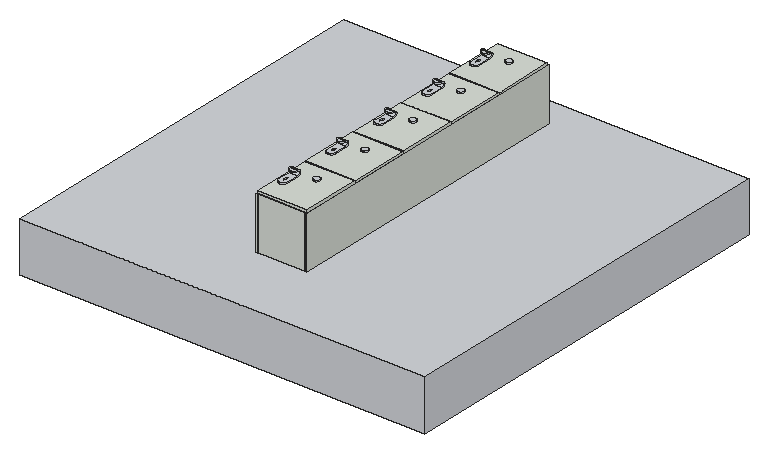
Revit family
Parameters (values of type "5 Tier Locker - 12.375" Depth")
  Width = 12"
  Waste Connection = no
  WFU = 0
  Vent Connection = no
  URL = "www.spectrumlockers.com"
  Type Comments = ""
  Top/Bottom Panel Thickness = 1/2"
  Side Panel Thickness = 3/8"
  Shelf Thickness = 1/2"
  Price = "Prices may vary. Please consult Manufacturer Representative for most up-to-date price list."  # constant formula
  Phone Number = "416-250-5656"  # constant formula
  Omniclass Table 23 Title = "Lockers"  # constant formula
  Omniclass Table 23 Code = "23.40.20.11.17"  # constant formula
  Nominal Height = 29 1/8"
  Model = "5 Tier Locker - 12.375\" Depth"
  Material = Athlon-Spectrum-White-E0.00 CR
  Masterformat Title = "Phenolic Lockers"  # constant formula
  Masterformat Number = "10 51 29"  # constant formula
  Manufacturer = "Spectrum"
  Length = 12 3/8"
  Installation Type = "Wall Mounted"
  Height = 71 3/4"
  HWFU = 0
  HW Connection = no
  Description = "5 Tier Locker"
  Default Elevation = 0"
  Creation Date = "10/1/2014"  # constant formula
  Created By = "Allied Technical Services"  # constant formula
  CWFU = 0
  CW Connection = no
  Assembly Code = "E2020200"
  ATS URL = "http://www.atsspec.net"
Types (5): name | Model | Length
  (no name) | "5 Tier Locker - 12.375\" Depth" | 12 3/8"
  5 Tier Locker - 12.375" Depth | "5 Tier Locker - 12.375\" Depth" | 12 3/8"
  5 Tier Locker - 15.375" Depth | "5 Tier Locker - 15.375\" Depth" | 15 3/8"
  5 Tier Locker - 20.375" Depth | "5 Tier Locker - 20.375\" Depth" | 20 3/8"
  5 Tier Locker - 24.375" Depth | "5 Tier Locker - 24.375\" Depth" | 24 3/8"
Reference planes (in)
  plane 1 "Center (Front/Back)": y = 0
  plane 2: z = 0
  plane 3 "Center (Left/Right)": x = 0
  plane 4: x = 5.625
  plane 5: x = 6
  plane 6: y = 71.75
  plane 7: y = 71.25
  plane 8: y = 0.5
  plane 9: x = -5.625
  plane 10: x = -6
  plane 11: z = 12.375
  plane 12: z = 12.875
  plane 13: z = 0.375
  plane 14: y = 14.25
  plane 15: y = 14.75
  plane 16: y = 14.5
  plane 17: y = 0.25
  plane 18: y = 71.5
  plane 19: y = 28.75
  plane 20: y = 28.5
  plane 21: y = 29
  plane 22: y = 43
  plane 23: y = 42.75
  plane 24: y = 43.25
  plane 25: y = 57.25
  plane 26: y = 57
  plane 27: y = 57.5
  plane 28: y = 61.87514
  plane 29: y = 64.375
  plane 30: y = 50.125
  plane 31: y = 35.875
  plane 32: y = 21.625
  plane 33: y = 7.375
  plane 34: y = 33.37514
  plane 35: y = 19.12514
  plane 36: y = 4.87514
  plane 37: y = 47.62514
  plane 38: x = -5.42497
  plane 39: x = -3.42497
  plane 40: y = 67.5
  plane 41: y = 53.25
  plane 42: y = 39
  plane 43: y = 24.75
  plane 44: y = 10.5
  plane 45: z = 13
Forms (in)
  Extrusion 1, solid
    sketch origin (0, 0, 0) x (1, 0, 0) y (0, 1, 0)
      loop
        line (-48, 78.52725) -> (-48, -17.47275) -> (48, -17.47275) -> (48, 78.52725) -> (-48, 78.52725)
    from 0 to -12
  Extrusion 2, solid, material "Athlon-Spectrum-White-E0.00 CR" <- "Material"
    sketch origin (0, 0, 0) x (1, 0, 0) y (0, 0, 1)
      loop
        line (-5.625, 12.375) -> (-5.625, 0) -> (5.625, 0) -> (5.625, 12.375) -> (-5.625, 12.375)
    from -71.75 to -71.25
  Extrusion 3, solid, material "Athlon-Spectrum-White-E0.00 CR" <- "Material"
    sketch origin (0, -59.25, 0) x (1, 0, 0) y (0, 0, 1)
      loop
        line (-5.625, 12.375) -> (-5.625, 0) -> (5.625, 0) -> (5.625, 12.375) -> (-5.625, 12.375)
    from -59.75 to -59.25
  Extrusion 4, solid, material "Athlon-Spectrum-White-E0.00 CR" <- "Material"
    sketch origin (0, 0, 0) x (0, 1, 0) y (0, 0, 1)
      loop
        line (71.75, 12.375) -> (0, 12.375) -> (0, 0) -> (71.75, 0) -> (71.75, 12.375)
    from -6 to -5.625
  Extrusion 5, solid, material "Athlon-Spectrum-White-E0.00 CR" <- "Material"
    sketch origin (0, 0, 0) x (0, 1, 0) y (0, 0, -1)
      loop
        line (71.75, -12.375) -> (71.75, 0) -> (0, 0) -> (0, -12.375) -> (71.75, -12.375)
    from -6 to -5.625
  Extrusion 6, solid, material "Athlon-Spectrum-White-E0.00 CR" <- "Material"
    sketch origin (0, 0, 0) x (1, 0, 0) y (0, 0, 1)
      loop
        line (-5.625, 0.375) -> (-5.625, 0) -> (5.625, 0) -> (5.625, 0.375) -> (-5.625, 0.375)
    from -71.25 to -0.5
  Extrusion 7, solid, material "Athlon-Spectrum-White-E0.00 CR" <- "Material"
    sketch origin (0, 0, 0) x (1, 0, 0) y (0, 1, 0)
      loop
        line (-5.875, 14.375) -> (-5.875, 0.25) -> (5.875, 0.25) -> (5.875, 14.375) -> (-5.875, 14.375)
    from 12.375 to 12.875
  Extrusion 8, solid, material "Athlon-Spectrum-White-E0.00 CR" <- "Material"
    sketch origin (0, 23.75, 0) x (1, 0, 0) y (0, 0, 1)
      loop
        line (-5.625, 12.375) -> (-5.625, 0.375) -> (5.625, 0.375) -> (5.625, 12.375) -> (-5.625, 12.375)
    from -5.25 to -4.75
  Extrusion 9, solid, material "Athlon-Spectrum-White-E0.00 CR" <- "Material"
    sketch origin (0, 0, 0) x (1, 0, 0) y (0, 0, 1)
      loop
        line (-5.625, 12.375) -> (-5.625, 0.375) -> (5.625, 0.375) -> (5.625, 12.375) -> (-5.625, 12.375)
    from -14.75 to -14.25
  Extrusion 10, solid, material "Athlon-Spectrum-White-E0.00 CR" <- "Material"
    sketch origin (0, 23.75, 0) x (1, 0, 0) y (0, 1, 0)
      loop
        line (-5.875, 4.875) -> (-5.875, -9.125) -> (5.875, -9.125) -> (5.875, 4.875) -> (-5.875, 4.875)
    from 12.375 to 12.875
  Extrusion 11, solid, material "Athlon-Spectrum-White-E0.00 CR" <- "Material"
    sketch origin (0, 47.5, 0) x (1, 0, 0) y (0, 1, 0)
      loop
        line (-5.875, 9.63093) -> (-5.875, -4.375) -> (5.875, -4.375) -> (5.875, 9.63093) -> (-5.875, 9.63093)
    from 12.375 to 12.875
  Extrusion 12, solid, material "Athlon-Spectrum-White-E0.00 CR" <- "Material"
    sketch origin (0, 41.125, 0) x (1, 0, 0) y (0, 0, 1)
      loop
        line (-5.625, 12.375) -> (-5.625, 0.375) -> (5.625, 0.375) -> (5.625, 12.375) -> (-5.625, 12.375)
    from -2.125 to -1.625
  Extrusion 13, solid, material "Athlon-Spectrum-White-E0.00 CR" <- "Material"
    sketch origin (0, 29.69335, 0) x (1, 0, 0) y (0, 1, 0)
      loop
        line (-5.875, 13.18165) -> (-5.875, -0.8125) -> (5.875, -0.8125) -> (5.875, 13.18165) -> (-5.875, 13.18165)
    from 12.375 to 12.875
  Extrusion 14, solid, material "Athlon-Spectrum-White-E0.00 CR" <- "Material"
    sketch origin (0, 54.875, 0) x (1, 0, 0) y (0, 0, 1)
      loop
        line (-5.625, 12.375) -> (-5.625, 0.375) -> (5.625, 0.375) -> (5.625, 12.375) -> (-5.625, 12.375)
    from -2.625 to -2.125
  Extrusion 15, solid, material "Athlon-Spectrum-White-E0.00 CR" <- "Material"
    sketch origin (0, 0, 0) x (1, 0, 0) y (0, 1, 0)
      loop
        line (-5.875, 71.5) -> (-5.875, 57.375) -> (5.875, 57.375) -> (5.875, 71.5) -> (-5.875, 71.5)
    from 12.375 to 12.875
  Extrusion 16, solid
    sketch origin (0, 30.17995, 29.04032) x (0, 1, 0) y (0, 0, 1)
      loop
        line (36.07019, -14.91532) -> (34.19505, -14.91532) -> (34.19505, -15.04032) -> (36.07019, -15.04032)
        arc (36.07019, -15.04032) -> (36.57019, -15.54032) -> (36.07019, -16.04032) r 0.5
        line (36.07019, -16.04032) -> (31.69519, -16.04032) -> (31.69519, -16.16532) -> (36.07019, -16.16532)
        arc (36.07019, -16.16532) -> (36.69519, -15.54032) -> (36.07019, -14.91532) r 0.625
      loop
        line (7.57019, -14.91532) -> (5.69505, -14.91532) -> (5.69505, -15.04032) -> (7.57019, -15.04032)
        arc (7.57019, -15.04032) -> (8.07019, -15.54032) -> (7.57019, -16.04032) r 0.5
        line (7.57019, -16.04032) -> (3.19519, -16.04032) -> (3.19519, -16.16532) -> (7.57019, -16.16532)
        arc (7.57019, -16.16532) -> (8.19519, -15.54032) -> (7.57019, -14.91532) r 0.625
      loop
        line (-6.67981, -14.91532) -> (-8.55495, -14.91532) -> (-8.55495, -15.04032) -> (-6.67981, -15.04032)
        arc (-6.67981, -15.04032) -> (-6.17981, -15.54032) -> (-6.67981, -16.04032) r 0.5
        line (-6.67981, -16.04032) -> (-11.05481, -16.04032) -> (-11.05481, -16.16532) -> (-6.67981, -16.16532)
        arc (-6.67981, -16.16532) -> (-6.05481, -15.54032) -> (-6.67981, -14.91532) r 0.625
      loop
        line (-20.92981, -14.91532) -> (-22.80495, -14.91532) -> (-22.80495, -15.04032) -> (-20.92981, -15.04032)
        arc (-20.92981, -15.04032) -> (-20.42981, -15.54032) -> (-20.92981, -16.04032) r 0.5
        line (-20.92981, -16.04032) -> (-25.30481, -16.04032) -> (-25.30481, -16.16532) -> (-20.92981, -16.16532)
        arc (-20.92981, -16.16532) -> (-20.30481, -15.54032) -> (-20.92981, -14.91532) r 0.625
      loop
        line (21.82019, -14.91532) -> (19.94505, -14.91532) -> (19.94505, -15.04032) -> (21.82019, -15.04032)
        arc (21.82019, -15.04032) -> (22.32019, -15.54032) -> (21.82019, -16.04032) r 0.5
        line (21.82019, -16.04032) -> (17.44519, -16.04032) -> (17.44519, -16.16532) -> (21.82019, -16.16532)
        arc (21.82019, -16.16532) -> (22.44519, -15.54032) -> (21.82019, -14.91532) r 0.625
    from -5.42497 to -3.42497
  Extrusion 17, void
    sketch origin (0, 23.68362, 5.69196) x (1, 0, 0) y (0, 1, 0)
      loop
        line (-5.42497, 42.50893) -> (-5.42497, 40.69138) -> (-3.42497, 40.69138) -> (-3.42497, 42.50893)
        arc (-3.42497, 42.50893) -> (-4.42497, 41.50893) -> (-5.42497, 42.50893) r 1
      loop
        line (-5.42497, 28.25879) -> (-5.42497, 26.44138) -> (-3.42497, 26.44138) -> (-3.42497, 28.25879)
        arc (-3.42497, 28.25879) -> (-4.42497, 27.25879) -> (-5.42497, 28.25879) r 1
      loop
        line (-5.42497, 14.00879) -> (-5.42497, 12.19138) -> (-3.42497, 12.19138) -> (-3.42497, 14.00879)
        arc (-3.42497, 14.00879) -> (-4.42497, 13.00879) -> (-5.42497, 14.00879) r 1
      loop
        line (-5.42497, -0.24121) -> (-5.42497, -2.05862) -> (-3.42497, -2.05862) -> (-3.42497, -0.24121)
        arc (-3.42497, -0.24121) -> (-4.42497, -1.24121) -> (-5.42497, -0.24121) r 1
      loop
        line (-5.42497, -14.49121) -> (-5.42497, -16.30862) -> (-3.42497, -16.30862) -> (-3.42497, -14.49121)
        arc (-3.42497, -14.49121) -> (-4.42497, -15.49121) -> (-5.42497, -14.49121) r 1
    from 7.30804 to 8.43304
  Extrusion 18, void
    sketch origin (0, 22.71503, -7.30402) x (1, 0, 0) y (0, 1, 0)
      loop
        line (-5.42497, 40.34941) -> (-5.42497, 39.15997) -> (-3.42497, 39.15997) -> (-3.42497, 40.34941)
        arc (-3.42497, 40.34941) -> (-4.42497, 39.34941) -> (-5.42497, 40.34941) r 1
      loop
        arc (-4.17497, 41.41011) -> (-4.42497, 41.66011) -> (-4.67497, 41.41011) r 0.25
        line (-4.67497, 41.41011) -> (-4.67497, 40.93683)
        arc (-4.67497, 40.93683) -> (-4.42497, 40.68683) -> (-4.17497, 40.93683) r 0.25
        line (-4.17497, 40.93683) -> (-4.17497, 41.41011)
      loop
        line (-5.42497, 26.09941) -> (-5.42497, 24.90997) -> (-3.42497, 24.90997) -> (-3.42497, 26.09941)
        arc (-3.42497, 26.09941) -> (-4.42497, 25.09941) -> (-5.42497, 26.09941) r 1
      loop
        arc (-4.17497, 27.16011) -> (-4.42497, 27.41011) -> (-4.67497, 27.16011) r 0.25
        line (-4.67497, 27.16011) -> (-4.67497, 26.68683)
        arc (-4.67497, 26.68683) -> (-4.42497, 26.43683) -> (-4.17497, 26.68683) r 0.25
        line (-4.17497, 26.68683) -> (-4.17497, 27.16011)
      loop
        line (-5.42497, 11.84941) -> (-5.42497, 10.65997) -> (-3.42497, 10.65997) -> (-3.42497, 11.84941)
        arc (-3.42497, 11.84941) -> (-4.42497, 10.84941) -> (-5.42497, 11.84941) r 1
      loop
        arc (-4.17497, 12.91011) -> (-4.42497, 13.16011) -> (-4.67497, 12.91011) r 0.25
        line (-4.67497, 12.91011) -> (-4.67497, 12.43683)
        arc (-4.67497, 12.43683) -> (-4.42497, 12.18683) -> (-4.17497, 12.43683) r 0.25
        line (-4.17497, 12.43683) -> (-4.17497, 12.91011)
      loop
        line (-5.42497, -2.40059) -> (-5.42497, -3.59003) -> (-3.42497, -3.59003) -> (-3.42497, -2.40059)
        arc (-3.42497, -2.40059) -> (-4.42497, -3.40059) -> (-5.42497, -2.40059) r 1
      loop
        arc (-4.17497, -1.33989) -> (-4.42497, -1.08989) -> (-4.67497, -1.33989) r 0.25
        line (-4.67497, -1.33989) -> (-4.67497, -1.81317)
        arc (-4.67497, -1.81317) -> (-4.42497, -2.06317) -> (-4.17497, -1.81317) r 0.25
        line (-4.17497, -1.81317) -> (-4.17497, -1.33989)
      loop
        line (-5.42497, -16.65059) -> (-5.42497, -17.84003) -> (-3.42497, -17.84003) -> (-3.42497, -16.65059)
        arc (-3.42497, -16.65059) -> (-4.42497, -17.65059) -> (-5.42497, -16.65059) r 1
      loop
        arc (-4.17497, -15.58989) -> (-4.42497, -15.33989) -> (-4.67497, -15.58989) r 0.25
        line (-4.67497, -15.58989) -> (-4.67497, -16.06317)
        arc (-4.67497, -16.06317) -> (-4.42497, -16.31317) -> (-4.17497, -16.06317) r 0.25
        line (-4.17497, -16.06317) -> (-4.17497, -15.58989)
    from 20.17902 to 21.42902
  Extrusion 19, solid
    sketch origin (0, 0, 0) x (1, 0, 0) y (0, 1, 0)
      loop
        circle (0, 67.5) r 0.75
      loop
        circle (0, 53.25) r 0.75
      loop
        circle (0, 39) r 0.75
      loop
        circle (0, 24.75) r 0.75
      loop
        circle (0, 10.5) r 0.75
    from 12.875 to 13
Cuts and joins
  Extrusion 17, Extrusion 18 cuts Extrusion 16
  Extrusion 18 cuts Extrusion 7
  Extrusion 18 cuts Extrusion 10
  Extrusion 18 cuts Extrusion 11
  Extrusion 18 cuts Extrusion 13
  Extrusion 18 cuts Extrusion 15
Lines and regions (in)
  Masking region 1
    outline origin (0, 0, 0) x (1, 0, 0) y (0, 1, 0)
      loop
        line (-6, 71.75) -> (-6, 0) -> (6, 0) -> (6, 71.75) -> (-6, 71.75)
  Masking region 2
    outline origin (0, 0, 0) x (0, 1, 0) y (0, 0, 1)
      loop
        line (71.75, 0) -> (71.75, 12.375) -> (71.5, 12.375) -> (71.5, 12.875) -> (57.375, 12.875) -> (57.375, 12.375) -> (57.13093, 12.375) -> (57.13093, 12.875) -> (43.125, 12.875) -> (43.125, 12.375) -> (42.875, 12.375) -> (42.875, 12.875) -> (28.88085, 12.875) -> (28.88085, 12.375) -> (28.625, 12.375) -> (28.625, 12.875) -> (14.625, 12.875) -> (14.625, 12.375) -> (14.375, 12.375) -> (14.375, 12.875) -> (0.25, 12.875) -> (0.25, 12.375) -> (0, 12.375) -> (0, 0) -> (71.75, 0)
  Masking region 3
    outline origin (0, 0, 0) x (1, 0, 0) y (0, 0, 1)
      loop
        line (6, 12.375) -> (5.875, 12.375) -> (5.875, 12.875) -> (-5.875, 12.875) -> (-5.875, 12.375) -> (-6, 12.375) -> (-6, 0) -> (6, 0) -> (6, 12.375)
  symbolic lines, detail levels medium+fine
    curve 1: line (0, 71.5, 12.375) -> (0, 57.375, 12.375)
    curve 2: line (0, 14.375, 12.375) -> (0, 0.25, 12.375)
    curve 3: line (5.875, 0, 12.375) -> (-5.875, 0, 12.375)
    curve 4: line (5.625, 0, 12.375) -> (5.625, 0, 0)
    curve 5: line (-5.625, 0, 0) -> (-5.625, 0, 12.375)
    curve 6: line (0, 28.625, 12.375) -> (0, 14.625, 12.375)
    curve 7: line (-5.875, 57.13093, 0) -> (-5.875, 43.125, 0)
    curve 8: line (5.875, 57.13093, 0) -> (-5.875, 57.13093, 0)
    curve 9: line (5.875, 43.125, 0) -> (5.875, 57.13093, 0)
    curve 10: line (-5.875, 43.125, 0) -> (5.875, 43.125, 0)
    curve 11: line (5.875, 42.875, 0) -> (-5.875, 42.875, 0)
    curve 12: line (-5.875, 42.875, 0) -> (-5.875, 28.88085, 0)
    curve 13: line (5.875, 28.88085, 0) -> (5.875, 42.875, 0)
    curve 14: line (-5.875, 28.88085, 0) -> (5.875, 28.88085, 0)
    curve 15: line (5.875, 28.625, 0) -> (-5.875, 28.625, 0)
    curve 16: line (5.875, 14.625, 0) -> (5.875, 28.625, 0)
    curve 17: line (-5.875, 28.625, 0) -> (-5.875, 14.625, 0)
    curve 18: line (-5.875, 14.625, 0) -> (5.875, 14.625, 0)
    curve 19: line (5.875, 14.375, 0) -> (-5.875, 14.375, 0)
    curve 20: line (5.875, 0.25, 0) -> (5.875, 14.375, 0)
    curve 21: line (-5.875, 14.375, 0) -> (-5.875, 0.25, 0)
    curve 22: line (-5.875, 0.25, 0) -> (5.875, 0.25, 0)
    curve 23: line (0, 42.875, 12.375) -> (0, 28.88085, 12.375)
    curve 24: line (-5.875, 57.375, 0) -> (5.875, 57.375, 0)
    curve 25: line (-5.875, 71.5, 0) -> (-5.875, 57.375, 0)
    curve 26: line (5.875, 71.5, 0) -> (-5.875, 71.5, 0)
    curve 27: line (5.875, 57.375, 0) -> (5.875, 71.5, 0)
    curve 28: line (0, 57.13093, 12.375) -> (0, 43.125, 12.375)
    curve 29: circle (0, 67.5, 0) r 0.75 normal (0, 0, 1)
    curve 30: circle (0, 53.25, 0) r 0.75 normal (0, 0, 1)
    curve 31: circle (0, 39, 0) r 0.75 normal (0, 0, 1)
    curve 32: circle (0, 24.75, 0) r 0.75 normal (0, 0, 1)
    curve 33: circle (0, 10.5, 0) r 0.75 normal (0, 0, 1)
Dimensions and locks (in)
  "Side Panel Thickness": plane 13 to Extrusion 1
  locked: plane 12 to plane 11 at 0.5
  "Top/Bottom Panel Thickness": plane 6 to plane 7
  "Top/Bottom Panel Thickness": plane 8 to plane 1 "Center (Front/Back)"
  locked: plane 14 to Extrusion 7 sketch curve at 0.125
  "Length": plane 11 to Extrusion 1
  "Shelf Thickness": plane 15 to plane 14
  "Side Panel Thickness": plane 10 to plane 9
  "Side Panel Thickness": plane 4 to plane 5
  "Width": plane 10 to plane 5
  equal spacing: plane 10, plane 3 "Center (Left/Right)", plane 5
  "Height": plane 6 to plane 1 "Center (Front/Back)"
  locked: plane 15 to plane 16 at 0.25
  locked: Extrusion 7 sketch curve to Extrusion 4 at 0.25
  locked: plane 8 to Extrusion 7 sketch curve at 0.25
  locked: Extrusion 5 to Extrusion 7 sketch curve at 0.25
  locked: plane 17 to plane 1 "Center (Front/Back)" at 0.25
  locked: plane 6 to plane 18 at 0.25
  "Shelf Thickness": plane 21 to plane 20
  locked: plane 21 to plane 19 at 0.25
  Extrusion 11 sketch curve to Extrusion 4 = 1/4"
  Extrusion 5 to Extrusion 11 sketch curve = 1/4"
  Extrusion 11 sketch curve to plane 21 = 14 1/8"
  locked: plane 15 to Extrusion 10 sketch curve at 0.125
  locked: plane 20 to Extrusion 10 sketch curve at 0.125
  "Shelf Thickness": plane 24 to plane 23
  locked: plane 24 to plane 22 at 0.25
  locked: Extrusion 12 to Extrusion 11 sketch curve at 0.125
  locked: Extrusion 12 to Extrusion 13 sketch curve at 0.125
  locked: Extrusion 8 to Extrusion 13 sketch curve at 0.11915
  "Shelf Thickness": plane 27 to plane 26
  locked: plane 27 to plane 25 at 0.25
  equal spacing: plane 18, plane 25, plane 22, plane 19, plane 16, plane 17
  plane 14 to plane 8 = 13 3/4"
  locked: Extrusion 14 to Extrusion 11 sketch curve at 0.13093
  locked: Extrusion 14 to Extrusion 15 sketch curve at 0.125
  locked: Extrusion 16 sketch curve to Extrusion 16 sketch curve at 0.125  (x5)
  locked: Extrusion 16 sketch curve to plane 28 at 4.375
  locked: plane 29 to plane 28 at 2.49986
  locked: Extrusion 16 sketch curve to plane 29 at 2.37514
  locked: Extrusion 16 sketch curve to plane 12 at 1.25  (x5)
  locked: plane 29 to Extrusion 18 sketch curve at 2.5
  locked: Extrusion 16 sketch curve to plane 34 at 4.375
  locked: Extrusion 16 sketch curve to plane 35 at 4.375
  locked: Extrusion 16 sketch curve to plane 36 at 4.375
  locked: Extrusion 16 sketch curve to plane 37 at 4.375
  locked: plane 30 to plane 37 at 2.49986
  locked: plane 31 to plane 34 at 2.49986
  locked: plane 32 to plane 35 at 2.49986
  locked: plane 33 to plane 36 at 2.49986
  locked: Extrusion 16 sketch curve to plane 30 at 2.37514
  locked: Extrusion 16 sketch curve to plane 31 at 2.37514
  locked: Extrusion 16 sketch curve to plane 32 at 2.37514
  locked: Extrusion 16 sketch curve to plane 33 at 2.37514
  equal spacing: plane 18, plane 29, plane 25
  equal spacing: plane 25, plane 30, plane 22
  equal spacing: plane 22, plane 31, plane 19
  equal spacing: plane 19, plane 32, plane 16
  equal spacing: plane 16, plane 33, plane 17
  locked: plane 10 to plane 39 at 2.57503
  locked: plane 38 to plane 39 at 2
  locked: Extrusion 18 sketch curve to plane 30 at 2.5
  locked: plane 31 to Extrusion 18 sketch curve at 2.5
  locked: Extrusion 18 sketch curve to plane 32 at 2.5
  locked: plane 33 to Extrusion 18 sketch curve at 2.5
  locked: plane 18 to plane 40 at 4
  locked: plane 25 to plane 41 at 4
  locked: plane 22 to plane 42 at 4
  locked: plane 19 to plane 43 at 4
  locked: plane 16 to plane 44 at 4
  locked: plane 45 to plane 12 at 0.125
  aligned and locked: plane 2 to Extrusion 1
  aligned and locked: level to Extrusion 1
  aligned and locked: plane 6 to Extrusion 2
  aligned and locked: Extrusion 2 to plane 7
  aligned and locked: plane 8 to Extrusion 3
  aligned and locked: plane 1 "Center (Front/Back)" to Extrusion 3
  aligned and locked: Extrusion 4 to plane 10
  aligned and locked: plane 9 to Extrusion 4
  aligned and locked: Extrusion 5 to plane 4
  aligned and locked: Extrusion 5 to plane 5
  aligned and locked: plane 7 to Extrusion 6
  aligned and locked: Extrusion 6 to plane 8
  aligned and locked: plane 12 to Extrusion 7
  aligned and locked: Extrusion 7 to plane 11
  aligned and locked: plane 6 to Extrusion 4 sketch curve
  aligned and locked: plane 11 to Extrusion 4 sketch curve
  aligned and locked: Extrusion 4 sketch curve to level
  aligned and locked: plane 1 "Center (Front/Back)" to Extrusion 4 sketch curve
  aligned and locked: Extrusion 5 sketch curve to plane 6
  aligned and locked: Extrusion 5 sketch curve to plane 11
  aligned and locked: Extrusion 5 sketch curve to plane 1 "Center (Front/Back)"
  aligned and locked: level to Extrusion 5 sketch curve
  aligned and locked: plane 11 to Extrusion 3
  aligned and locked: plane 11 to Extrusion 2
  aligned and locked: plane 9 to Extrusion 3 sketch curve
  aligned and locked: level to Extrusion 3 sketch curve
  aligned and locked: plane 4 to Extrusion 3 sketch curve
  aligned and locked: plane 9 to Extrusion 2 sketch curve
  aligned and locked: level to Extrusion 2 sketch curve
  aligned and locked: plane 4 to Extrusion 2 sketch curve
  aligned and locked: Extrusion 2 sketch curve to plane 11
  aligned and locked: plane 10 to Masking region 1 sketch curve
  aligned and locked: Masking region 1 sketch curve to plane 6
  aligned and locked: Masking region 1 sketch curve to Extrusion 5  (x2)
  aligned and locked: plane 12 to Masking region 2 sketch curve  (x2)
  aligned and locked: plane 11 to Masking region 2 sketch curve  (x3)
  aligned and locked: plane 1 "Center (Front/Back)" to Masking region 2 sketch curve
  aligned and locked: Masking region 2 sketch curve to level
  aligned and locked: plane 6 to Masking region 2 sketch curve
  aligned and locked: Masking region 2 sketch curve to Extrusion 7  (x2)
  aligned and locked: plane 5 to Masking region 3 sketch curve
  aligned and locked: Masking region 3 sketch curve to Extrusion 4  (x2)
  aligned and locked: plane 11 to Masking region 3 sketch curve  (x2)
  aligned and locked: Masking region 3 sketch curve to Extrusion 7  (x2)
  aligned and locked: plane 12 to Masking region 3 sketch curve
  aligned and locked: curve 4 to Extrusion 5
  aligned and locked: curve 5 to Extrusion 4
  aligned and locked: Extrusion 8 to plane 20
  aligned and locked: plane 21 to Extrusion 8
  aligned and locked: Extrusion 8 to plane 9
  aligned and locked: Extrusion 8 to plane 4
  aligned and locked: plane 15 to Extrusion 9
  aligned and locked: Extrusion 9 to plane 14
  aligned and locked: Extrusion 9 to plane 9
  aligned and locked: Extrusion 9 to plane 4
  aligned and locked: Masking region 2 to curve 1  (x2)
  aligned: Extrusion 11 to Masking region 2
  aligned and locked: Extrusion 7 to Extrusion 10
  aligned and locked: Extrusion 10 to Masking region 2 sketch curve
  aligned and locked: Extrusion 4 to Masking region 2 sketch curve  (x2)
  aligned and locked: Masking region 2 to curve 28
  aligned and locked: curve 6 to Masking region 2
  aligned and locked: Extrusion 12 to plane 23
  aligned and locked: plane 24 to Extrusion 12
  aligned and locked: curve 11 to Extrusion 13
  aligned and locked: curve 12 to Extrusion 13
  aligned and locked: curve 13 to Extrusion 13
  aligned and locked: curve 14 to Extrusion 13
  aligned and locked: curve 19 to Extrusion 7
  aligned and locked: curve 20 to Extrusion 7
  aligned and locked: curve 21 to Extrusion 7
  aligned and locked: curve 22 to Extrusion 7
  aligned and locked: Extrusion 13 to Masking region 2 sketch curve
  aligned and locked: Masking region 2 sketch curve to Masking region 2 sketch curve  (x3)
  aligned and locked: Masking region 2 sketch curve to Extrusion 13
  aligned and locked: Extrusion 14 to plane 26
  aligned and locked: plane 27 to Extrusion 14
  aligned and locked: curve 8 to Extrusion 11
  aligned and locked: Extrusion 15 sketch curve to Extrusion 11
  aligned and locked: Extrusion 11 to Extrusion 15 sketch curve
  aligned and locked: Extrusion 15 sketch curve to plane 18
  aligned and locked: curve 24 to Extrusion 15
  aligned and locked: curve 25 to Extrusion 15
  aligned and locked: curve 26 to Extrusion 15
  aligned and locked: curve 27 to Extrusion 15
  aligned and locked: Extrusion 11 to Extrusion 15
  aligned: Extrusion 15 to plane 11
  aligned and locked: Extrusion 15 to Masking region 2 sketch curve
  aligned and locked: Masking region 2 sketch curve to Extrusion 4
  aligned and locked: Masking region 2 sketch curve to Extrusion 11
  aligned and locked: curve 28 to Masking region 2
  aligned and locked: Extrusion 15 to plane 11
  aligned and locked: plane 12 to Extrusion 15
  aligned and locked: Extrusion 11 to plane 11
  aligned and locked: plane 12 to Extrusion 13
  aligned and locked: Extrusion 13 to plane 11
  aligned and locked: plane 12 to Extrusion 10
  aligned and locked: Extrusion 10 to plane 11
  aligned and locked: Extrusion 16 sketch curve to plane 28
  aligned and locked: Extrusion 16 sketch curve to plane 12  (x5)
  aligned and locked: Extrusion 16 sketch curve to plane 29
  aligned and locked: plane 29 to Extrusion 17 sketch curve
  aligned and locked: Extrusion 18 to cut or joined group of Extrusion 16, Extrusion 17, Extrusion 18
  aligned and locked: Extrusion 18 to plane 12
  aligned and locked: Extrusion 17 to cut or joined group of Extrusion 16, Extrusion 17, Extrusion 18  (x2)
  aligned and locked: Extrusion 16 sketch curve to plane 34
  aligned and locked: Extrusion 16 sketch curve to plane 35
  aligned and locked: Extrusion 16 sketch curve to plane 36
  aligned and locked: Extrusion 16 sketch curve to plane 37
  aligned and locked: Extrusion 17 sketch curve to cut or joined group of Extrusion 16, Extrusion 17, Extrusion 18
  aligned: Extrusion 16 to Extrusion 17
  aligned and locked: plane 38 to Extrusion 18 sketch curve
  aligned and locked: plane 39 to Extrusion 18 sketch curve
  aligned and locked: plane 38 to cut or joined group of Extrusion 16, Extrusion 17, Extrusion 18
  aligned and locked: cut or joined group of Extrusion 16, Extrusion 17, Extrusion 18 to plane 39
  aligned and locked: plane 33 to Extrusion 17 sketch curve
  aligned and locked: Extrusion 17 sketch curve to plane 32
  aligned and locked: plane 31 to Extrusion 17 sketch curve
  aligned and locked: Extrusion 17 sketch curve to plane 30
  aligned and locked: plane 40 to Extrusion 19 sketch curve
  aligned and locked: plane 3 "Center (Left/Right)" to Extrusion 19 sketch curve  (x5)
  aligned and locked: plane 41 to Extrusion 19 sketch curve
  aligned and locked: plane 42 to Extrusion 19 sketch curve
  aligned and locked: plane 43 to Extrusion 19 sketch curve
  aligned and locked: plane 44 to Extrusion 19 sketch curve
  aligned and locked: Extrusion 19 to plane 12
  aligned and locked: plane 45 to Extrusion 19
  aligned and locked: curve 29 to Extrusion 19
  aligned and locked: curve 30 to Extrusion 19
  aligned and locked: curve 31 to Extrusion 19
  aligned and locked: curve 32 to Extrusion 19
  aligned and locked: curve 33 to Extrusion 19
Automatic sketch dimensions
  Extrusion 1 sketch curve to Extrusion 1 sketch curve = 96"  (x2)
  curve 2 to plane 11 = 0"
  curve 2 to plane 17 = 0"
  curve 6 to plane 11 = 0"
  curve 23 to plane 11 = 0"
  curve 1 to plane 11 = 0"
  curve 28 to plane 11 = 0"
  plane 14 to curve 2 = 1/8"
  curve 6 to plane 15 = 1/8"
  curve 23 to plane 21 = 0.11915"
  curve 23 to plane 22 = 1/8"
  curve 3 to plane 11 = 0"
  curve 4 to level = 0"
  curve 5 to level = 0"
  plane 10 to curve 3 = 1/8"
  plane 5 to curve 3 = 1/8"
  Extrusion 3 sketch curve to plane 11 = 0"
  Extrusion 6 sketch curve to level = 0"
  Extrusion 6 sketch curve to plane 9 = 0"
  plane 4 to Extrusion 6 sketch curve = 0"
  Extrusion 6 sketch curve to plane 13 = 0"
  Masking region 2 sketch curve to plane 18 = 0"
  Masking region 2 sketch curve to plane 15 = 1/8"
  plane 22 to Masking region 2 sketch curve = 1/8"
  Masking region 2 sketch curve to plane 25 = 0.11907"
  Extrusion 8 sketch curve to plane 9 = 0"
  plane 4 to Extrusion 8 sketch curve = 0"
  Extrusion 8 sketch curve to plane 13 = 0"
  Extrusion 8 sketch curve to plane 11 = 0"
  Extrusion 9 sketch curve to plane 9 = 0"
  plane 4 to Extrusion 9 sketch curve = 0"
  Extrusion 9 sketch curve to plane 13 = 0"
  Extrusion 9 sketch curve to plane 11 = 0"
  plane 10 to Extrusion 10 sketch curve = 1/8"
  plane 5 to Extrusion 10 sketch curve = 1/8"
  Extrusion 12 sketch curve to plane 9 = 0"
  plane 4 to Extrusion 12 sketch curve = 0"
  Extrusion 12 sketch curve to plane 13 = 0"
  Extrusion 12 sketch curve to plane 11 = 0"
  plane 10 to Extrusion 13 sketch curve = 1/8"
  plane 5 to Extrusion 13 sketch curve = 1/8"
  Extrusion 14 sketch curve to plane 9 = 0"
  plane 4 to Extrusion 14 sketch curve = 0"
  Extrusion 14 sketch curve to plane 13 = 0"
  Extrusion 14 sketch curve to plane 11 = 0"
  Extrusion 16 sketch curve to Extrusion 16 sketch curve = 0"  (x5)
  Extrusion 16 sketch curve to plane 33 = 0"
  Extrusion 16 sketch curve to plane 32 = 0"
  Extrusion 16 sketch curve to plane 31 = 0"
  Extrusion 16 sketch curve to plane 30 = 0"
  Extrusion 17 sketch curve to plane 38 = 0"  (x9)
  Extrusion 17 sketch curve to plane 39 = 0"  (x10)
  plane 33 to Extrusion 17 sketch curve = 1.81741"
  Extrusion 17 sketch curve to Extrusion 17 sketch curve = 1.81741"  (x5)
  Extrusion 17 sketch curve to Extrusion 17 sketch curve = 0"  (x6)
  Extrusion 17 sketch curve to plane 32 = 1.81741"
  plane 29 to Extrusion 17 sketch curve = 1.81755"  (x2)
  Extrusion 18 sketch curve to plane 38 = 0"  (x9)
  Extrusion 18 sketch curve to plane 39 = 0"  (x9)
  Extrusion 18 sketch curve to Extrusion 18 sketch curve = 1/4"  (x8)
  Extrusion 18 sketch curve to plane 31 = 0.24986"
  Extrusion 18 sketch curve to plane 38 = 3/4"  (x2)
  plane 30 to Extrusion 18 sketch curve = 0.24986"
  Extrusion 18 sketch curve to Extrusion 18 sketch curve = 0.47328"  (x4)
  Extrusion 18 sketch curve to Extrusion 18 sketch curve = 0.58742"  (x5)
  Extrusion 18 sketch curve to Extrusion 18 sketch curve = 0"  (x9)
  plane 32 to Extrusion 18 sketch curve = 0.24986"
  Extrusion 18 sketch curve to plane 33 = 0.24986"
  Extrusion 18 sketch curve to Extrusion 18 sketch curve = 1.18944"  (x2)
  Extrusion 18 sketch curve to plane 29 = 0.24986"
  plane 10 to curve 7 = 1/8"
  plane 10 to curve 18 = 1/8"
  plane 5 to curve 9 = 1/8"
  plane 5 to curve 18 = 1/8"
  curve 18 to plane 15 = 1/8"
  curve 17 to plane 19 = 1/8"
  plane 22 to curve 9 = 1/8"
  radius of Extrusion 19 sketch curve = 3/4"  (x5)
